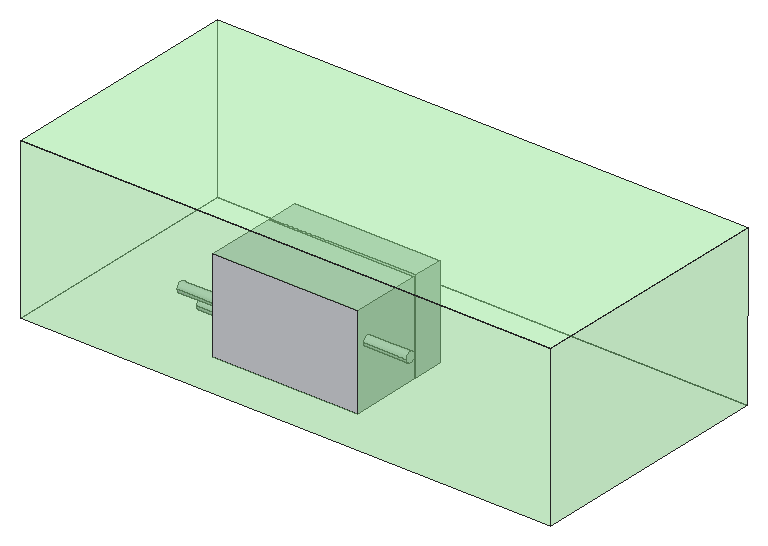
Revit family "BC_Hitachi_CH-Box-6.0-10.0_LOD200", category Equipement de génie climatique, Revit 2016
Family settings
  Type d'élément = Normal
  Cote de connecteur circulaire = Utiliser le diamètre
  Numéro OmniClass = 23.75.50.00
  Titre OmniClass = Energy Treatment
  Basée sur le plan de construction = Non
  Toujours verticalement = Oui
  Couper avec des vides une fois chargée = Non
  Partagée = Non
  Point de calcul de pièce = Non
Parameters (values of type "CH 10.0 N")
  Product Code = "60291931"
  Overall Width = 214 mm
  Overall Height = 301 mm
  Overall Depth = 191 mm
  Number of Poles = "1"
  Nominal Voltage = 240 V
  Modèle = "Indoor unit CH Box CH-N2"
  Mass = 7.00 kg
  Low Pressure Gas Diameter = 20 mm
  High Pressure Gas Diameter = 20 mm
  Frequency = 50 Hz
  Description = "Energy recovery box"
  Operation space = 400 mm
  Operation and service space = yes
  Refrigerant = "R410A"
  Input = 20 W
  Refrigerant Gas pipe Height = 111 mm
  Gas low pressure Height = 40 mm
  Gas High pressure Height = 94 mm
  Fabricant = "HITACHI"
  Electrical Box = 63 mm
  Refrigerant Gas pipe diameter = 20 mm
  Refrigerant Gas pipe distance = 25 mm
  Gas HP distance = 20 mm
  Right connector depth = 96 mm
  Left connector depth = 89 mm
  Commentaires du type = "CH 10.0 N"
  Color = "Neutral white (4.56Y8.85/0.38)"
Types (2, lengths in mm): name | Product Code | Low Pressure Gas Diameter | High Pressure Gas Diameter | Operation space | Refrigerant Gas pipe diameter | Right connector depth | Left connector depth | Commentaires du type
  CH 10.0 N | "60291931" | 20 | 20 | 400 | 20 | 96 | 89 | "CH 10.0 N"
  CH 6.0 N | "60291930" | 18 | 18 | 300 | 18 | 89 | 82 | "CH 6.0 N"
Reference planes
  plane 1 "Centre (avant/arrière)": y = 0
  plane 2: z = 0
  plane 3 "Centre (gauche/droite)": x = 0
  plane 4: x = -150.5
  plane 5: x = 150.5
  plane 6: y = 107
  plane 7: y = -107
  plane 8: x = -239.5
  plane 9: x = 246.5
  plane 10: z = 191
  plane 11 "A": x = -550.5
  plane 12 "B": x = 550.5
  plane 13 "Arrier a": y = 407
  plane 14 "Avant A": y = -107
  plane 15 "L1": z = 261
  plane 16 "L2": z = -70
Forms (mm)
  Extrusion 1, solid
    sketch origin (0.917, -1.048, 0) x (1, 0, 0) y (0, 1, 0)
      loop
        line (-151.417, 108.048) -> (-151.417, 45.5) -> (149.583, 45.5) -> (149.583, 108.048) -> (-151.417, 108.048)
      loop
        line (-151.417, -105.952) -> (149.583, -105.952) -> (149.583, 40.5) -> (-151.417, 40.5) -> (-151.417, -105.952)
    from 0 to 191
  Extrusion 2, solid
    sketch origin (-149.583, -1.048, 0) x (0, -1, 0) y (0, 0, 1)
      loop
        circle (87, 94) r 10
      loop
        circle (36.5, 40) r 10
    from 0 to 82
  Extrusion 3, solid
    sketch origin (151.417, -1.048, 0) x (0, 1, 0) y (0, 0, 1)
      loop
        circle (-82, 126.272) r 10
    from 0 to 89
  Extrusion 4, solid, material "Operation and service space", visible <- "Operation and service space"
    sketch origin (0, 0, -70) x (-1, 0, 0) y (0, -1, 0)
      loop
        line (550.5, -407) -> (550.5, 107) -> (-550.5, 107) -> (-550.5, -407) -> (550.5, -407)
    from 0 to 331
Lines and regions (mm)
  model lines, style "MechanicalEquipmentHiddenLines", visible <- "Operation and service space"
    curve 1: line (-550.5, 407, -70) -> (550.5, 407, -70)
    curve 2: line (-550.5, -107, -70) -> (-550.5, 407, -70)
    curve 3: line (550.5, -107, -70) -> (-550.5, -107, -70)
    curve 4: line (550.5, 407, -70) -> (550.5, -107, -70)
    curve 5: line (-550.5, 407, 261) -> (550.5, 407, 261)
    curve 6: line (-550.5, -107, 261) -> (-550.5, 407, 261)
    curve 7: line (550.5, -107, 261) -> (-550.5, -107, 261)
    curve 8: line (550.5, 407, 261) -> (550.5, -107, 261)
    curve 9: line (550.5, -107, 261) -> (550.5, -107, -70)
    curve 10: line (-550.5, -107, 261) -> (-550.5, -107, -70)
    curve 11: line (-550.5, 407, 261) -> (-550.5, 407, -70)
    curve 12: line (550.5, 407, 261) -> (550.5, 407, -70)
Dimensions and locks
  equal spacing: plane 4, plane 3 "Centre (gauche/droite)", plane 5
  "Overall Height": plane 4 to plane 5
  equal spacing: plane 7, plane 1 "Centre (avant/arrière)", plane 6
  "Overall Width": plane 6 to plane 7
  "Left connector depth": plane 8 to plane 4
  "Right connector depth": plane 5 to plane 9
  "Overall Depth": plane 10 to plane 2
  "Gas High pressure Height": Extrusion 2 sketch curve to plane 2
  "Gas low pressure Height": Extrusion 2 sketch curve to plane 2
  locked: Extrusion 1 sketch curve to Extrusion 1 sketch curve at 5
  locked: plane 2 to plane 16 "L2" at 70
  locked: plane 15 "L1" to plane 10 at 70
  "Operation space": plane 4 to plane 11 "A"
  "Operation space": plane 12 "B" to plane 5
  locked: plane 13 "Arrier a" to plane 6 at 300
  "High Pressure Gas Diameter": diameter of Extrusion 2 sketch curve
  "Low Pressure Gas Diameter": diameter of Extrusion 2 sketch curve
  "Refrigerant Gas pipe diameter": diameter of Extrusion 3 sketch curve
  aligned and locked: level to plane 2
  aligned and locked: plane 10 to Extrusion 1
  aligned and locked: Extrusion 1 sketch curve to plane 6
  aligned and locked: Extrusion 1 sketch curve to plane 4  (x2)
  aligned and locked: Extrusion 1 sketch curve to plane 5  (x2)
  aligned and locked: Extrusion 1 sketch curve to plane 7
  aligned and locked: curve 1 to plane 13 "Arrier a"
  aligned and locked: plane 11 "A" to curve 2
  aligned and locked: plane 14 "Avant A" to curve 3
  aligned and locked: curve 4 to plane 12 "B"
  aligned and locked: plane 14 "Avant A" to plane 7
  aligned and locked: Extrusion 4 sketch curve to curve 1
  aligned and locked: Extrusion 4 sketch curve to curve 2
  aligned and locked: Extrusion 4 sketch curve to curve 3
  aligned and locked: Extrusion 4 sketch curve to curve 4
  aligned and locked: plane 15 "L1" to Extrusion 4
Automatic sketch dimensions
  Extrusion 1 sketch curve to plane 1 "Centre (avant/arrière)" = 39.452 mm
  curve 7 to plane 12 "B" = 0 mm
  curve 6 to plane 11 "A" = 0 mm
  curve 6 to plane 13 "Arrier a" = 0 mm
  curve 8 to plane 14 "Avant A" = 0 mm
  curve 9 to plane 12 "B" = 0 mm
  curve 10 to plane 11 "A" = 0 mm
  curve 9 to plane 16 "L2" = 0 mm
  curve 10 to plane 16 "L2" = 0 mm
  curve 10 to plane 15 "L1" = 0 mm
  curve 9 to plane 15 "L1" = 0 mm
  curve 12 to plane 12 "B" = 0 mm
  curve 11 to plane 11 "A" = 0 mm
  curve 11 to plane 16 "L2" = 0 mm
  curve 12 to plane 16 "L2" = 0 mm
  curve 12 to plane 15 "L1" = 0 mm
  curve 11 to plane 15 "L1" = 0 mm
  plane 1 "Centre (avant/arrière)" to Extrusion 2 sketch curve = 37.548 mm
  Extrusion 2 sketch curve to plane 7 = 18.952 mm
  Extrusion 3 sketch curve to plane 7 = 23.952 mm
  Extrusion 3 sketch curve to plane 10 = 64.728 mm
Connectors
  piping at (-231.583, -88.048, 94), diameter 20, driven by "Low Pressure Gas Diameter"
    settings: on Extrusion 2, index 5, connector inside diameter 609.6 mm, connector length 0 mm, flow factor 0, pipe flow 0.0 L/s, pressure drop 0.0 Pa, fitting loss kfactor 0, connector angle 0.00°, fixture units 0, engagement length 0 mm, angle of deflection 0.00°, flow configuration 0, flow direction 0, fitting loss method 0, system type 29, joint type 0, gender type 0, connector reference index -1, connector utility 0, adjustable connector no, is connector primary yes, connector description ""
  piping at (-231.583, -37.548, 40), diameter 20, driven by "Low Pressure Gas Diameter"
    settings: on Extrusion 2, index 6, connector inside diameter 609.6 mm, connector length 0 mm, flow factor 0, pipe flow 0.0 L/s, pressure drop 0.0 Pa, fitting loss kfactor 0, connector angle 0.00°, fixture units 0, engagement length 0 mm, angle of deflection 0.00°, flow configuration 0, flow direction 0, fitting loss method 0, system type 29, joint type 0, gender type 0, connector reference index -1, connector utility 0, adjustable connector no, is connector primary no, connector description ""
  piping at (240.417, -83.048, 126.272), diameter 20, driven by "Refrigerant Gas pipe diameter"
    settings: on Extrusion 3, index 7, connector inside diameter 609.6 mm, connector length 0 mm, flow factor 0, pipe flow 0.0 L/s, pressure drop 0.0 Pa, fitting loss kfactor 0, connector angle 0.00°, fixture units 0, engagement length 0 mm, angle of deflection 0.00°, flow configuration 0, flow direction 0, fitting loss method 0, system type 29, joint type 0, gender type 0, connector reference index -1, connector utility 0, adjustable connector no, is connector primary no, connector description ""
